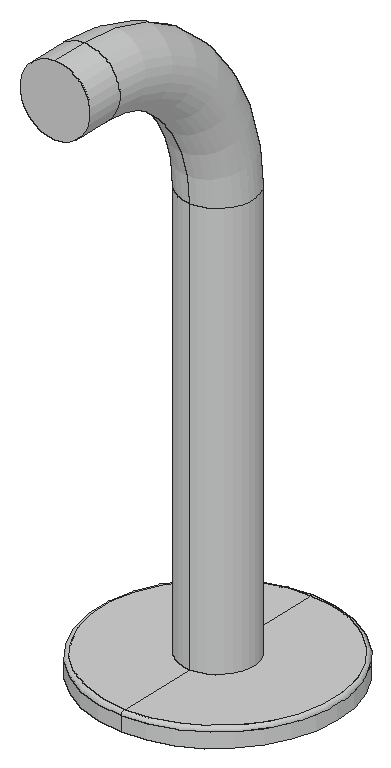
Revit family "Spout_Wall_Abey_Poco_165_FaceBased", category Plumbing Fixtures, host Face, Revit 2019
Family settings
  Host = Face
  Round Connector Dimension = Use Diameter
  Part Type = Normal
  OmniClass Number = 23.31.11.00
  OmniClass Title = Faucets
  Cut with Voids When Loaded = Yes
  Shared = No
  Room Calculation Point = No
Parameters (values of type "6S-C165")
  Waste Connection = no
  Vent Connection = no
  Uniclass2015Version = "Products v1.28"
  Uniclass2015Title = "Washbasin spouts"
  Uniclass2015Code = "Pr_40_20_87_97"
  URL = "https://www.abey.com.au/"
  Type Comments = "Chrome Finish"
  ModifiedIssue = 20230628
  Model = "6S-C165"
  Material = Metal_Abey_Chrome
  ManufacturerURLProductSpecific = "https://www.abey.com.au/product/bathroom/poco-basin-spout-165mm/"
  ManufacturerSpecCode = Model  # "6S-C165"
  ManufacturerOverallWidth = 65 mm  # constant formula
  ManufacturerOverallHeight = 172.5 mm  # constant formula
  ManufacturerOverallDepth = 87.5 mm  # constant formula
  Manufacturer = "Abey"  # constant formula
  Keynote = ""
  IfcExportType = "FAUCET"
  IfcExportAs = "IfcValve"
  HW Connection = yes
  Description = "Poco - Basin Spout 165mm - Chrome"
  Default Elevation = 1050 mm
  CreatedBy = "IGS BIM Solutions"  # constant formula
  CreatedByURL = "https://igsgroup.com.au"
  CW Connection = yes
  Assembly Code = "C1030210"
Reference planes
  plane 1 "Center of base plate": y = -40
  plane 2 "Back": z = 0
  plane 3 "Center (Left/Right)": x = 20.57
  plane 4 "Bottom of base plate": y = -72.5
  plane 5 "Left": x = -11.93
  plane 6 "Right": x = 53.07
  plane 7 "Front": z = 172.5
  plane 8 "Back1": z = -64
  plane 9 "Top": y = -7.5
  plane 10 "Bottom": y = -95
Forms (mm)
  Extrusion 1, void
    sketch origin (0, 0, 0) x (1, 0, 0) y (0, 1, 0)
      loop
        circle (20.57, -40) r 32.5
    from 0 to -21.5
Text (mm)
  text "Disclaimer:\nDue to ongoing product development and manufacturing evolution, product details are subject to change without notice.\nPlease refer to product technical data sheets on the manufacturer's website for the most current product information. Please allow a +/- 5mm manufacturing tolerance for dimensions and set-outs shown in product literature." at (203.111, 48.748, 0), in view "Ref. Level_Instruction"
Dimensions and locks
  "ManufacturerOverallHeight": plane 7 "Front" to plane 2 "Back"
  equal spacing: plane 5 "Left", plane 3 "Center (Left/Right)", plane 6 "Right"
  "ManufacturerOverallWidth": plane 5 "Left" to plane 6 "Right"
  locked: plane 2 "Back" to plane 8 "Back1" at 64
  equal spacing: plane 4 "Bottom of base plate", plane 1 "Center of base plate", plane 9 "Top"
  "ManufacturerOverallDepth": plane 10 "Bottom" to plane 9 "Top"
  plane 4 "Bottom of base plate" to plane 9 "Top" = 65 mm
  aligned and locked: plane 2 "Back" to host face
  aligned and locked: level to host face
  aligned and locked: nested 1 to plane 1 "Center of base plate"
  aligned and locked: plane 3 "Center (Left/Right)" to nested 1
Automatic sketch dimensions
  host sketch curve to host sketch curve = 65 mm  (x2)
  plane 1 "Center of base plate" to Extrusion 1 sketch curve = 0 mm
  Extrusion 1 sketch curve to plane 3 "Center (Left/Right)" = 0 mm
  radius of Extrusion 1 sketch curve = 32.5 mm
Nested families
  nested 1: "z_PlumFix_Spout_ABEY_Poco_Basin Spout_165mm" at (-77.451, -40, -65.75) x (1, 0, 0) z (0, 1, 0), type "6S-C165"
Connectors
  piping at (20.57, -40, -1), diameter 12.7, driven by "HW Connection"
    settings: on nested 1, index 1, connector inside diameter 24", connector length 0 mm, flow factor 0, pipe flow 0.00 L/s, pressure drop 0 kPa, fitting loss kfactor 0, connector angle 0.00°, fixture units 0, engagement length 0 mm, angle of deflection 0.00°, flow configuration 2, flow direction 1, fitting loss method 0, system type 19, joint type 0, gender type 0, connector reference index -1, connector utility 1, adjustable connector no, is connector primary yes, connector description "Hot Water Supply"
Definition of nested family "z_PlumFix_Spout_ABEY_Poco_Basin Spout_165mm"
  Parameters (values of type "6S-C165")
    Waste Connection = no
    WFU = 0
    Vent Connection = no
    URL = ""
    Type Comments = ""
    ModifiedIssue = 0
    Model = ""
    ManufacturerURLProductSpecific = ""
    ManufacturerSpecCode = ""
    ManufacturerOverallWidth = 65 mm  # constant formula
    ManufacturerOverallHeight = 87.5 mm  # constant formula
    ManufacturerOverallDepth = 172.5 mm  # constant formula
    Manufacturer = ""
    Keynote = ""
    HWFU = 0
    HW Connection = yes
    Description = ""
    Default Elevation = 0 mm
    CreatedBy = "IGS BIM Solutions"  # constant formula
    CreatedByURL = "https://igsgroup.com.au"
    Cost = 0
    CWFU = 0
    CW Connection = yes
    BodyMaterial = none
    Assembly Code = ""
  Reference planes
    plane 1 "Ref. Level": z = 0
    plane 2 "Center (Left/Right)": x = 98.02
    plane 3 "Back": y = -65.75
    plane 4 "Left": x = 65.52
    plane 5 "Front": y = -238.25
    plane 6 "Right": x = 130.52
    plane 7 "Top": z = 32.5
    plane 8 "Center of base plate": z = 0
    plane 9 "Bottom": z = -55
    plane 10 "Bottom of base plate": z = -32.5
  Forms (mm)
    Sweep 1, solid, material <- "BodyMaterial"
      path origin (98.02, 108.935, 3940) x (0, 1, 0) y (0, 0, 1)
        loop
          line (-179.685, -3940) -> (-292.685, -3940)
          arc (-292.685, -3940) -> (-324.505, -3953.18) -> (-337.685, -3985) r 45
          line (-337.685, -3985) -> (-337.685, -3995)
      profile origin (98.02, -127.25, 0) x (0, 0, -1) y (1, 0, 0)
        loop
          circle (0, 0) r 9.5
    Revolve 2, solid, material <- "BodyMaterial"
      sketch origin (98.02, 107.935, 3940) x (0, 1, 0) y (0, 0, 1)
        loop
          line (-173.685, -3940) -> (-173.685, -3907.5) -> (-177.685, -3907.5)
          arc (-177.685, -3907.5) -> (-178.392, -3907.793) -> (-178.685, -3908.5) r 1
          line (-178.685, -3908.5) -> (-178.685, -3940) -> (-173.685, -3940)
        axis (-178.685, -3940) -> (-173.685, -3940)
      angle from 0 to 360
    Extrusion 3, solid, material <- "BodyMaterial"
      sketch origin (0, -65.75, 0) x (-1, 0, 0) y (0, 0, -1)
        loop
          circle (-98.02, 0) r 6.35
      from 0 to -1
  Cuts and joins
    joined: Sweep 1, Revolve 2
  Lines and regions (mm)
    Masking region 1
      outline origin (0, 0, 32.5) x (-1, 0, 0) y (0, -1, 0)
        loop
          arc (-88.52, 228.75) -> (-98.02, 238.25) -> (-107.52, 228.75) r 9.5
          line (-107.52, 228.75) -> (-107.52, 70.75) -> (-129.52, 70.75)
          arc (-129.52, 70.75) -> (-130.227, 70.457) -> (-130.52, 69.75) r 1
          line (-130.52, 69.75) -> (-130.52, 65.75) -> (-65.52, 65.75) -> (-65.52, 69.75)
          arc (-65.52, 69.75) -> (-65.813, 70.457) -> (-66.52, 70.75) r 1
          line (-66.52, 70.75) -> (-88.52, 70.75) -> (-88.52, 228.75)
    symbolic lines, detail levels medium+fine
      curve 1: line (88.52, -70.75, 32.5) -> (107.52, -70.75, 32.5)
      curve 2: line (88.52, -238.25, -31.081) -> (88.52, -238.25, 0)
      curve 3: line (107.52, -238.25, -31.081) -> (107.52, -238.25, 0)
      curve 4: arc (88.52, -238.25, 0) -> (98.02, -238.25, 9.5) -> (107.52, -238.25, 0) r 9.5
      curve 5: line (130.52, -70.75, 9.5) -> (130.52, -70.75, -9.5)
  Dimensions and locks
    "ManufacturerOverallDepth": plane 5 "Front" to plane 3 "Back"
    equal spacing: plane 4 "Left", plane 2 "Center (Left/Right)", plane 6 "Right"
    "ManufacturerOverallWidth": plane 4 "Left" to plane 6 "Right"
    "ManufacturerOverallHeight": plane 7 "Top" to plane 9 "Bottom"
    plane 8 "Center of base plate" to plane 1 "Ref. Level" = 0 mm
    locked: plane 7 "Top" to plane 10 "Bottom of base plate" at 65
    equal spacing: plane 7 "Top", plane 8 "Center of base plate", plane 10 "Bottom of base plate"
    aligned and locked: plane 8 "Center of base plate" to Sweep 1 sketch curve
    aligned and locked: plane 9 "Bottom" to Sweep 1 sketch curve
    aligned and locked: plane 3 "Back" to Revolve 2 sketch curve
    aligned and locked: Revolve 2 sketch curve to plane 7 "Top"
    aligned and locked: plane 8 "Center of base plate" to Revolve 2 sketch curve
    aligned and locked: Revolve 2 sketch curve to Revolve 2 sketch curve  (x2)
    aligned and locked: plane 8 "Center of base plate" to Extrusion 3 sketch curve
    aligned and locked: plane 2 "Center (Left/Right)" to Extrusion 3 sketch curve
  Automatic sketch dimensions
    Sweep 1 sketch curve to profile plane = 0 mm  (x2)
    Sweep 1 sketch curve to plane 5 "Front" = 9.5 mm
    plane 9 "Bottom" to Sweep 1 sketch curve = 10 mm
    plane 3 "Back" to Sweep 1 sketch curve = 5 mm
    Revolve 2 sketch curve to plane 3 "Back" = 0 mm
    Revolve 2 sketch curve to plane 7 "Top" = 1 mm
    plane 3 "Back" to Revolve 2 sketch curve = 4 mm
    plane 3 "Back" to Masking region 1 sketch curve = 0 mm
    Masking region 1 sketch curve to plane 6 "Right" = 0 mm
    Masking region 1 sketch curve to plane 2 "Center (Left/Right)" = 0 mm
    Masking region 1 sketch curve to plane 4 "Left" = 0 mm
    Masking region 1 sketch curve to Masking region 1 sketch curve = 1 mm
    plane 3 "Back" to Masking region 1 sketch curve = 5 mm
    Masking region 1 sketch curve to plane 2 "Center (Left/Right)" = 9.5 mm
    plane 4 "Left" to Masking region 1 sketch curve = 1 mm
    plane 3 "Back" to Masking region 1 sketch curve = 4 mm
    Masking region 1 sketch curve to plane 5 "Front" = 9.5 mm
    plane 2 "Center (Left/Right)" to curve 1 = 9.5 mm
    plane 3 "Back" to curve 1 = 5 mm
    curve 1 to plane 2 "Center (Left/Right)" = 9.5 mm
    curve 4 to plane 2 "Center (Left/Right)" = 0 mm
    curve 2 to plane 8 "Center of base plate" = 0 mm
    curve 4 to curve 4 = 9.5 mm
    curve 3 to plane 10 "Bottom of base plate" = 1.419 mm
    curve 2 to plane 10 "Bottom of base plate" = 1.419 mm
    plane 3 "Back" to curve 5 = 5 mm
    curve 5 to plane 8 "Center of base plate" = 9.5 mm
    plane 8 "Center of base plate" to curve 5 = 9.5 mm
    radius of Sweep 1 sketch curve = 9.5 mm
    radius of Extrusion 3 sketch curve = 6.35 mm
